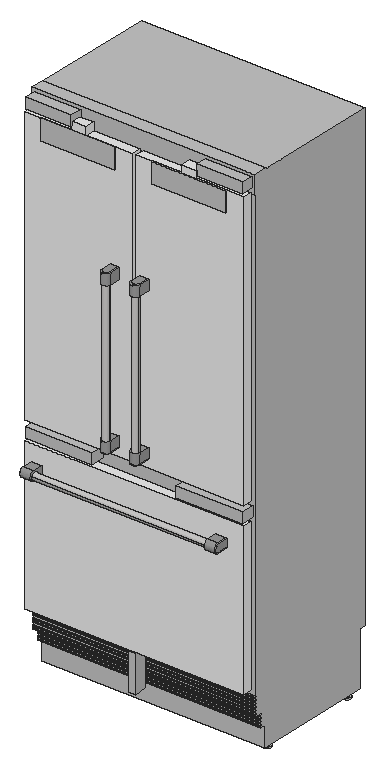
Revit family "FP-Revit20-en-RS3684AUVE1-IntegratedRefrigerator-0-9000XXXXA-US-CA", category Specialty Equipment, Revit 2020
Family settings
  Round Connector Dimension = Use Diameter
  Part Type = Normal
  OmniClass Number = 23.40.40.11.11
  OmniClass Title = Refrigerators and Freezers
  Work Plane-Based = No
  Always vertical = Yes
  Cut with Voids When Loaded = Yes
  Shared = No
  Room Calculation Point = No
Parameters (values of type "RS3684AUVE1")
  Visibility - Water Connection = yes
  Visibility - Visibility Control Note = yes
  Visibility - Clearance Required = yes
  URL = "www.fisherpaykel.com"
  Stainless Steel Door Panels (RD9121WRD) = no
  Product - Width = 908 mm  # constant formula
  Product - Height = 2134 mm  # constant formula
  Product - Depth (exl front panel) = 610 mm  # constant formula
  Model = "RS3684AUVE1"
  Material - Handle = Fisher & Paykel - Aluminium
  Material - Door Structure = Fisher & Paykel - White
  Material - Door Front = Fisher & Paykel - Stainless Steel
  Material - Body = Fisher & Paykel - Grey
  Manufacturer = "Fisher & Paykel Appliances"
  Handle Style - Professional Round (AHP3RD9121W) = yes
  Handle Style - Contemporary Square Fine Black (AHD5RD9121WB) = no
  Handle Style - Contemporary Square Fine (AHD5RD9121W) = no
  Handle Style - Contemporary Round (AHSRD9121W) = no
  Description = "36\" Series 11 Integrated Column"
  Default Elevation = 0 mm
  Connector Description - Water = "1/4\" (6mm) comp. stainless steel braided hose"
  Connector Description - Electrical = "120 V, 10 amp fused electrical supply"
  Cavity - Width = 914 mm  # constant formula
  Cavity - Height = 2134 mm  # constant formula
  Cavity - Depth = 635 mm  # constant formula
Reference planes
  plane 1 "Datum": y = 0
  plane 2: z = 0
  plane 3 "Center (Left/Right)": x = 0
  plane 4 "Product LHS": x = -454
  plane 5 "Product RHS": x = 454
  plane 6 "Product - Depth": y = 610
  plane 7 "Cavity LHS": x = -457
  plane 8 "Cavity RHS": x = 457
  plane 9 "Cavity - Depth": y = 635
  plane 10 "Product Height": z = 2134
  plane 11 "Cavity Height": z = 2134
  plane 12 "Door Panel Datum": y = -4.1
  plane 13 "KNOB 33": x = -390
  plane 14: x = -226
Forms (mm)
  Extrusion 1, solid, material "Fisher & Paykel - Grey" <- "Material - Body", detail levels fine
    sketch origin (0, 0, 0) x (0, 1, 0) y (0, 0, 1)
      loop
        line (100.1, 19.1) -> (587.9, 19.1) -> (587.9, 239.7) -> (610, 239.7) -> (610, 2132.3) -> (105.1, 2132.3) -> (105.1, 2134) -> (49.9, 2134) -> (49.9, 2059) -> (56, 2059) -> (56, 228.6) -> (59.5, 228.6) -> (59.5, 219.7) -> (56.5, 219.7) -> (56.5, 215.9) -> (59.5, 215.9) -> (59.5, 207) -> (56.5, 207) -> (56.5, 203.2) -> (59.5, 203.2) -> (59.5, 194.3) -> (56.5, 194.3) -> (56.5, 190.5) -> (59.5, 190.5) -> (59.5, 181.6) -> (56.5, 181.6) -> (56.5, 177.8) -> (59.5, 177.8) -> (59.5, 168.9) -> (56.5, 168.9) -> (56.5, 165.1) -> (59.5, 165.1) -> (59.5, 156.2) -> (56.5, 156.2) -> (56.5, 152.4) -> (84.1, 152.4) -> (84.1, 143.5) -> (81.1, 143.5) -> (81.1, 139.7) -> (84.1, 139.7) -> (84.1, 130.8) -> (81.1, 130.8) -> (81.1, 127) -> (84.1, 127) -> (84.1, 118.1) -> (81.1, 118.1) -> (81.1, 114.3) -> (84.1, 114.3) -> (84.1, 105.4) -> (81.1, 105.4) -> (81.1, 101.6) -> (100.1, 101.6) -> (100.1, 19.1)
    from -454 to 454
  Extrusion 2, solid, material "Fisher & Paykel - Grey" <- "Material - Body"
    sketch origin (0, 0, 0) x (1, 0, 0) y (0, 1, 0)
      loop
        circle (-433.5, 547.8) r 4.1
      loop
        circle (-433.5, 141.8) r 4.1
      loop
        circle (433.5, 547.8) r 4.1
      loop
        circle (433.5, 141.8) r 4.1
    from 3 to 19.1
  Extrusion 3, solid, material "Fisher & Paykel - Grey" <- "Material - Body"
    sketch origin (0, 0, 0) x (1, 0, 0) y (0, 1, 0)
      loop
        circle (-433.5, 547.8) r 14.5
      loop
        circle (-433.5, 141.8) r 14.555
      loop
        circle (433.5, 547.8) r 14.5
      loop
        circle (433.5, 141.8) r 14.555
    from 0 to 3
  Extrusion 4, solid, material "Fisher & Paykel - Grey" <- "Material - Body", detail levels fine
    sketch origin (0, 0, 0) x (1, 0, 0) y (0, 1, 0)
      loop
        line (-7.5, 49) -> (-13.797, -4.1) -> (13.797, -4.1) -> (7.5, 49) -> (-7.5, 49)
    from 104.2 to 253.8
  Extrusion 5, solid, material "Fisher & Paykel - Grey" <- "Material - Body", detail levels fine
    sketch origin (-226, 32.5, 1200) x (0, 1, 0) y (0, 0, 1)
      loop
        line (-32.5, 870.6) -> (-32.5, 788.6) -> (-30.5, 788.6) -> (-30.5, 868.6) -> (-28.5, 868.6) -> (-28.5, 870.6) -> (-32.5, 870.6)
    from -150 to 150
  Extrusion 6, solid, material "Fisher & Paykel - Grey" <- "Material - Body"
    sketch origin (0, 0, 0) x (1, 0, 0) y (0, 0, 1)
      loop
        circle (379, 119.813) r 5
      loop
        circle (-379, 119.813) r 5
    from -590 to -587.9
  Extrusion 7, solid, material "Fisher & Paykel - White" <- "Material - Door Structure"
    sketch origin (0, 0, 0) x (1, 0, 0) y (0, 1, 0)
      loop
        line (-429, 56) -> (-429, 42) -> (429, 42) -> (429, 56) -> (-429, 56)
    from 951.3 to 2030.7
  Extrusion 8, solid, material "Fisher & Paykel - White" <- "Material - Door Structure"
    sketch origin (0, 0, 0) x (1, 0, 0) y (0, 1, 0)
      loop
        line (-445.4, 42) -> (-445.4, 3) -> (-7, 3) -> (-7, 42) -> (-445.4, 42)
      loop
        line (445.4, 3) -> (445.4, 42) -> (7, 42) -> (7, 3) -> (445.4, 3)
    from 943.8 to 2068.6
  Extrusion 9, solid, material "Fisher & Paykel - White" <- "Material - Door Structure", detail levels fine
    sketch origin (0, 0, 0) x (1, 0, 0) y (0, 0, 1)
      loop
        line (-255.5, 2100.1) -> (-255.5, 2068.6) -> (-196.5, 2068.6) -> (-196.5, 2100.1) -> (-255.5, 2100.1)
    from -42 to -3
  Extrusion 10, solid, material "Fisher & Paykel - Stainless Steel" <- "Material - Door Front", visible <- "Stainless Steel Door Panels (RD9121WRD)"
    sketch origin (0, 0, 0) x (0, 1, 0) y (0, 0, 1)
      loop
        line (-22.1, 2130.8) -> (-22.1, 876.3) -> (-4.1, 876.3) -> (-4.1, 2130.8) -> (-22.1, 2130.8)
      loop
        line (-22.1, 102) -> (-4.1, 102) -> (-4.1, 873.1) -> (-22.1, 873.1) -> (-22.1, 102)
    from -454 to 454
  Extrusion 11, solid, material "Fisher & Paykel - Grey" <- "Material - Body", detail levels coarse+medium
    sketch origin (0, 0, 0) x (0, 1, 0) y (0, 0, 1)
      loop
        line (49.9, 2134) -> (49.9, 2059) -> (56, 2059) -> (56, 152.4) -> (81.1, 152.4) -> (81.1, 101.6) -> (100.1, 101.6) -> (100.1, 19.1) -> (587.9, 19.1) -> (587.9, 239.7) -> (610, 239.7) -> (610, 2134) -> (49.9, 2134)
    from -454 to 454
  Extrusion 12, solid, material "Fisher & Paykel - Grey" <- "Material - Body", detail levels fine
    sketch origin (0, 0, -4) x (0, 1, 0) y (0, 0, 1)
      loop
        arc (163.888, 23.1) -> (180.4, 13.63) -> (196.912, 23.1) r 19.13
        line (196.912, 23.1) -> (163.888, 23.1)
      loop
        arc (493.888, 23.1) -> (510.4, 13.63) -> (526.912, 23.1) r 19.13
        line (526.912, 23.1) -> (493.888, 23.1)
    from 191 to 219
  Extrusion 13, solid, material "Fisher & Paykel - Grey" <- "Material - Body", detail levels fine
    sketch origin (0, 0, -4) x (0, 1, 0) y (0, 0, -1)
      loop
        line (163.888, -23.1) -> (196.912, -23.1)
        arc (196.912, -23.1) -> (180.4, -13.63) -> (163.888, -23.1) r 19.13
      loop
        line (493.888, -23.1) -> (526.912, -23.1)
        arc (526.912, -23.1) -> (510.4, -13.63) -> (493.888, -23.1) r 19.13
    from 191 to 219
  Extrusion 14, solid, material "Fisher & Paykel - Clearance Required", visible <- "Visibility - Clearance Required", detail levels coarse
    sketch origin (0, 0, 0) x (1, 0, 0) y (0, 1, 0)
      loop
        line (-457, 635) -> (-457, -4.1) -> (457, -4.1) -> (457, 635) -> (-457, 635)
    from 0 to 2134
  Extrusion 15, void
    sketch origin (0, 0, 0) x (1, 0, 0) y (0, 1, 0)
      loop
        line (-457, 635) -> (-457, -22.1) -> (457, -22.1) -> (457, 635) -> (-457, 635)
    from 0 to 2134
  Extrusion 16, solid, material "Fisher & Paykel - White" <- "Material - Door Structure"
    sketch origin (0, 0, 0) x (1, 0, 0) y (0, 1, 0)
      loop
        line (-445.4, 42) -> (-445.4, 3) -> (445.4, 3) -> (445.4, 42) -> (-445.4, 42)
    from 253.8 to 868.15
  Extrusion 17, solid, material "Fisher & Paykel - White" <- "Material - Door Structure"
    sketch origin (0, 0, 0) x (1, 0, 0) y (0, 1, 0)
      loop
        line (-429, 56) -> (-429, 42) -> (429, 42) -> (429, 56) -> (-429, 56)
    from 269.2 to 858.13
  Extrusion 18, solid, material "Fisher & Paykel - Clearance Required", visible <- "Visibility - Clearance Required", detail levels coarse
    sketch origin (0, 0, 0) x (0, 1, 0) y (0, 0, 1)
      loop
        line (-422.1, 873.1) -> (-422.1, 818.896) -> (-482.1, 818.896) -> (-482.1, 781.896) -> (-422.1, 781.896) -> (-422.1, 101.6) -> (-22.1, 101.6) -> (-22.1, 873.1) -> (-422.1, 873.1)
    from -454 to 454
  Extrusion 19, solid, material "Fisher & Paykel - Clearance Required", visible <- "Visibility - Clearance Required", detail levels coarse
    sketch origin (0, -0.697, 0) x (-1, 0, 0) y (0, -1, 0)
      loop
        arc (-1.5, 21.403) -> (-134.034, 341.369) -> (-454, 473.903) r 452.5
        line (-454, 473.903) -> (-454, 433.258) -> (-514, 433.258) -> (-514, 396.188) -> (-454, 396.188) -> (-454, 21.403) -> (-1.5, 21.403)
      loop
        line (1.5, 21.403) -> (454, 21.403) -> (454, 396.188) -> (514, 396.188) -> (514, 433.258) -> (454, 433.258) -> (454, 473.903)
        arc (454, 473.903) -> (134.034, 341.369) -> (1.5, 21.403) r 452.5
    from 876.3 to 2134
  Extrusion 20, solid, material "Fisher & Paykel - Grey" <- "Material - Body", detail levels coarse+fine
    sketch origin (0, 0, 0) x (1, 0, 0) y (0, 0, 1)
      loop
        line (442.4, 2123.15) -> (255.5, 2123.15) -> (255.5, 2081.05) -> (442.4, 2081.05) -> (442.4, 2123.15)
      loop
        line (-442.4, 2123.15) -> (-442.4, 2081.05) -> (-255.5, 2081.05) -> (-255.5, 2123.15) -> (-442.4, 2123.15)
    from -49 to -2.5
  Extrusion 21, solid, material "Fisher & Paykel - Grey" <- "Material - Body", detail levels fine
    sketch origin (0, 0, 0) x (1, 0, 0) y (0, 0, 1)
      loop
        line (442.4, 877.25) -> (442.4, 919.35) -> (171.42, 919.35) -> (171.42, 877.25) -> (442.4, 877.25)
    from -56 to -2.5
  Extrusion 22, void
    sketch origin (0, -22.1, 1890.8) x (0, 0, 1) y (-1, 0, 0)
      loop
        line (240, 1.5) -> (-1014.5, 1.5) -> (-1014.5, -1.5) -> (240, -1.5) -> (240, 1.5)
    from 0 to -18
  Extrusion 23, solid, material "Fisher & Paykel - Grey" <- "Material - Body", detail levels fine
    sketch origin (226, 32.5, 1200) x (0, 1, 0) y (0, 0, -1)
      loop
        line (-32.5, -870.6) -> (-28.5, -870.6) -> (-28.5, -868.6) -> (-30.5, -868.6) -> (-30.5, -788.6) -> (-32.5, -788.6) -> (-32.5, -870.6)
    from -150 to 150
  Extrusion 24, solid, material "Fisher & Paykel - White" <- "Material - Door Structure", detail levels fine
    sketch origin (0, 0, 0) x (-1, 0, 0) y (0, 0, -1)
      loop
        line (-255.5, -2100.1) -> (-196.5, -2100.1) -> (-196.5, -2068.6) -> (-255.5, -2068.6) -> (-255.5, -2100.1)
    from -42 to -3
  Extrusion 25, solid, material "Fisher & Paykel - Grey" <- "Material - Body", detail levels fine
    sketch origin (0, 0, 0) x (-1, 0, 0) y (0, 0, -1)
      loop
        line (442.4, -877.25) -> (171.42, -877.25) -> (171.42, -919.35) -> (442.4, -919.35) -> (442.4, -877.25)
    from -56 to -2.5
Cuts and joins
  Extrusion 22 cuts Extrusion 10
  Extrusion 22 cuts Extrusion 19
Lines and regions (mm)
  model lines, style "Fisher & Paykel"
    curve 1: line (-454, -4.1, 2130.8) -> (454, -4.1, 2130.8)
    curve 2: line (-454, -4.1, 876.3) -> (-454, -4.1, 2130.8)
    curve 3: line (454, -4.1, 876.3) -> (-454, -4.1, 876.3)
    curve 4: line (454, -4.1, 2130.8) -> (454, -4.1, 876.3)
    curve 5: line (454, -4.1, 873.1) -> (-454, -4.1, 873.1)
    curve 6: line (454, -4.1, 102) -> (454, -4.1, 873.1)
    curve 7: line (-454, -4.1, 102) -> (454, -4.1, 102)
    curve 8: line (-454, -4.1, 873.1) -> (-454, -4.1, 102)
Text (mm)
  text "Due to ongoing product development, product details are subject to change without notice. \nPlease always refer to www.fisherpaykel.com for the most current product information. \n© Fisher & Paykel 2020" at (41.04, -878.295, 0), in view "Ref. Level (Plan)"
Dimensions and locks
  equal spacing: plane 4 "Product LHS", plane 3 "Center (Left/Right)", plane 5 "Product RHS"
  "Product - Width": plane 4 "Product LHS" to plane 5 "Product RHS"
  "Product - Depth (exl front panel)": plane 1 "Datum" to plane 6 "Product - Depth"
  equal spacing: plane 7 "Cavity LHS", plane 3 "Center (Left/Right)", plane 8 "Cavity RHS"
  "Cavity - Width": plane 7 "Cavity LHS" to plane 8 "Cavity RHS"
  "Cavity - Depth": plane 9 "Cavity - Depth" to plane 1 "Datum"
  plane 4 "Product LHS" to Extrusion 2 sketch curve = 24.6 mm
  Extrusion 6 sketch curve to Extrusion 1 = 119.887 mm  (x2)
  Extrusion 6 sketch curve to plane 5 "Product RHS" = 75 mm
  plane 4 "Product LHS" to Extrusion 6 sketch curve = 75 mm
  Extrusion 1 sketch curve to Extrusion 1 sketch curve = 82.5 mm
  Extrusion 1 sketch curve to Extrusion 1 sketch curve = 209.5 mm
  Extrusion 1 sketch curve to Extrusion 1 sketch curve = 220.6 mm
  Extrusion 3 to level = 3 mm
  Extrusion 11 to Extrusion 8 = 924.7 mm
  Extrusion 11 to Extrusion 7 = 932.2 mm
  Extrusion 11 to Extrusion 11 = 2114.9 mm
  Extrusion 11 to Extrusion 10 = 82.9 mm
  "Product - Height": level to plane 10 "Product Height"
  plane 10 "Product Height" to Extrusion 10 = 3.2 mm
  Extrusion 8 to plane 10 "Product Height" = 65.4 mm
  Extrusion 7 to plane 10 "Product Height" = 103.3 mm
  Extrusion 11 sketch curve to plane 10 "Product Height" = 75 mm
  Extrusion 1 sketch curve to plane 10 "Product Height" = 1.7 mm
  Extrusion 1 sketch curve to plane 10 "Product Height" = 75 mm
  "Cavity - Height": plane 11 "Cavity Height" to level
  plane 1 "Datum" to Extrusion 14 = 635 mm
  plane 1 "Datum" to Extrusion 15 = 635 mm
  Extrusion 15 to level = 2134 mm
  radius of Extrusion 6 sketch curve = 5 mm
  aligned and locked: level to plane 2
  aligned and locked: Extrusion 10 to plane 5 "Product RHS"
  aligned and locked: plane 4 "Product LHS" to Extrusion 10
  aligned and locked: Extrusion 11 to plane 5 "Product RHS"
  aligned and locked: Extrusion 11 to plane 4 "Product LHS"
  aligned and locked: Extrusion 11 sketch curve to plane 10 "Product Height"
  aligned and locked: plane 10 "Product Height" to Extrusion 1 sketch curve
  aligned and locked: Extrusion 12 sketch curve to Extrusion 12 sketch curve
  aligned and locked: Extrusion 13 sketch curve to Extrusion 13 sketch curve
  aligned and locked: Extrusion 1 to plane 5 "Product RHS"
  aligned and locked: plane 4 "Product LHS" to Extrusion 1
  aligned and locked: Extrusion 1 to Extrusion 18
  aligned and locked: Extrusion 18 to Extrusion 1
  aligned and locked: Extrusion 22 to Extrusion 4
Automatic sketch dimensions
  Extrusion 1 sketch curve to plane 6 "Product - Depth" = 0 mm
  Extrusion 1 sketch curve to Extrusion 1 sketch curve = 22.1 mm
  Extrusion 1 sketch curve to plane 1 "Datum" = 105.1 mm
  level to Extrusion 1 sketch curve = 19.1 mm
  Extrusion 1 sketch curve to plane 1 "Datum" = 100.1 mm
  Extrusion 1 sketch curve to Extrusion 1 sketch curve = 16 mm
  Extrusion 1 sketch curve to Extrusion 1 sketch curve = 0 mm  (x8)
  Extrusion 1 sketch curve to Extrusion 1 sketch curve = 3 mm  (x10)
  Extrusion 1 sketch curve to plane 1 "Datum" = 59.5 mm
  Extrusion 1 sketch curve to plane 1 "Datum" = 56 mm
  Extrusion 1 sketch curve to plane 1 "Datum" = 49.9 mm
  Extrusion 1 sketch curve to Extrusion 1 sketch curve = 3.8 mm  (x10)
  Extrusion 1 sketch curve to Extrusion 1 sketch curve = 8.9 mm  (x9)
  Extrusion 2 sketch curve to plane 4 "Product LHS" = 20.5 mm  (x2)
  plane 5 "Product RHS" to Extrusion 2 sketch curve = 20.5 mm  (x2)
  Extrusion 2 sketch curve to plane 1 "Datum" = 141.8 mm  (x2)
  Extrusion 2 sketch curve to plane 6 "Product - Depth" = 62.2 mm  (x2)
  Extrusion 3 sketch curve to plane 4 "Product LHS" = 20.5 mm  (x2)
  plane 5 "Product RHS" to Extrusion 3 sketch curve = 20.5 mm  (x2)
  Extrusion 3 sketch curve to plane 1 "Datum" = 141.8 mm  (x2)
  Extrusion 3 sketch curve to plane 6 "Product - Depth" = 62.2 mm  (x2)
  Extrusion 4 sketch curve to plane 12 "Door Panel Datum" = 0 mm
  Extrusion 4 sketch curve to plane 3 "Center (Left/Right)" = 13.797 mm
  Extrusion 4 sketch curve to plane 3 "Center (Left/Right)" = 7.5 mm
  plane 3 "Center (Left/Right)" to Extrusion 4 sketch curve = 7.5 mm
  plane 3 "Center (Left/Right)" to Extrusion 4 sketch curve = 13.797 mm
  Extrusion 4 sketch curve to plane 1 "Datum" = 49 mm
  Extrusion 5 sketch curve to plane 1 "Datum" = 0 mm
  Extrusion 5 sketch curve to plane 1 "Datum" = 2 mm
  Extrusion 5 sketch curve to Extrusion 5 sketch curve = 2 mm  (x2)
  plane 10 "Product Height" to Extrusion 5 sketch curve = 145.4 mm
  plane 10 "Product Height" to Extrusion 5 sketch curve = 65.4 mm
  Extrusion 7 sketch curve to plane 4 "Product LHS" = 25 mm
  plane 5 "Product RHS" to Extrusion 7 sketch curve = 25 mm
  Extrusion 7 sketch curve to plane 1 "Datum" = 42 mm
  Extrusion 7 sketch curve to Extrusion 7 sketch curve = 14 mm
  Extrusion 8 sketch curve to plane 4 "Product LHS" = 8.6 mm
  Extrusion 8 sketch curve to plane 1 "Datum" = 3 mm  (x2)
  Extrusion 8 sketch curve to plane 3 "Center (Left/Right)" = 7 mm
  plane 3 "Center (Left/Right)" to Extrusion 8 sketch curve = 7 mm
  plane 5 "Product RHS" to Extrusion 8 sketch curve = 8.6 mm
  Extrusion 8 sketch curve to Extrusion 8 sketch curve = 39 mm
  Extrusion 8 sketch curve to Extrusion 8 sketch curve = 0 mm
  Extrusion 9 sketch curve to plane 14 = 29.5 mm
  plane 14 to Extrusion 9 sketch curve = 29.5 mm
  plane 10 "Product Height" to Extrusion 9 sketch curve = 65.4 mm
  Extrusion 9 sketch curve to Extrusion 9 sketch curve = 31.5 mm
  Extrusion 10 sketch curve to plane 12 "Door Panel Datum" = 0 mm  (x2)
  plane 10 "Product Height" to Extrusion 10 sketch curve = 3.2 mm
  Extrusion 10 sketch curve to plane 12 "Door Panel Datum" = 18 mm
  Extrusion 10 sketch curve to Extrusion 10 sketch curve = 0 mm
  level to Extrusion 10 sketch curve = 876.3 mm
  Extrusion 10 sketch curve to Extrusion 10 sketch curve = 3.2 mm
  level to Extrusion 10 sketch curve = 102 mm
  Extrusion 11 sketch curve to plane 6 "Product - Depth" = 0 mm
  Extrusion 11 sketch curve to plane 6 "Product - Depth" = 22.1 mm
  Extrusion 11 sketch curve to plane 1 "Datum" = 100.1 mm
  Extrusion 11 sketch curve to Extrusion 11 sketch curve = 19 mm
  Extrusion 11 sketch curve to plane 1 "Datum" = 56 mm
  Extrusion 11 sketch curve to plane 1 "Datum" = 49.9 mm
  level to Extrusion 11 sketch curve = 239.7 mm
  level to Extrusion 11 sketch curve = 152.4 mm
  Extrusion 11 sketch curve to Extrusion 11 sketch curve = 50.8 mm
  level to Extrusion 11 sketch curve = 19.1 mm
  level to Extrusion 12 sketch curve = 19.1 mm
  Extrusion 12 sketch curve to plane 1 "Datum" = 163.888 mm
  Extrusion 12 sketch curve to Extrusion 12 sketch curve = 16.512 mm  (x2)
  Extrusion 12 sketch curve to plane 6 "Product - Depth" = 116.112 mm
  Extrusion 12 sketch curve to Extrusion 12 sketch curve = 9.66 mm  (x2)
  level to Extrusion 13 sketch curve = 19.1 mm
  Extrusion 13 sketch curve to plane 1 "Datum" = 163.888 mm
  Extrusion 13 sketch curve to Extrusion 13 sketch curve = 16.512 mm  (x2)
  Extrusion 13 sketch curve to plane 6 "Product - Depth" = 116.112 mm
  Extrusion 13 sketch curve to Extrusion 13 sketch curve = 9.66 mm  (x2)
  Extrusion 14 sketch curve to plane 7 "Cavity LHS" = 0 mm
  Extrusion 14 sketch curve to plane 8 "Cavity RHS" = 0 mm
  Extrusion 14 sketch curve to plane 12 "Door Panel Datum" = 0 mm
  Extrusion 14 sketch curve to plane 9 "Cavity - Depth" = 0 mm
  Extrusion 15 sketch curve to plane 7 "Cavity LHS" = 0 mm
  Extrusion 15 sketch curve to plane 8 "Cavity RHS" = 0 mm
  Extrusion 15 sketch curve to plane 9 "Cavity - Depth" = 0 mm
  Extrusion 15 sketch curve to plane 12 "Door Panel Datum" = 18 mm
  Extrusion 16 sketch curve to plane 1 "Datum" = 3 mm
  Extrusion 16 sketch curve to plane 4 "Product LHS" = 8.6 mm
  plane 5 "Product RHS" to Extrusion 16 sketch curve = 8.6 mm
  Extrusion 16 sketch curve to Extrusion 16 sketch curve = 39 mm
  Extrusion 17 sketch curve to plane 4 "Product LHS" = 25 mm
  plane 5 "Product RHS" to Extrusion 17 sketch curve = 25 mm
  Extrusion 17 sketch curve to plane 1 "Datum" = 42 mm
  Extrusion 17 sketch curve to Extrusion 17 sketch curve = 14 mm
  Extrusion 18 sketch curve to plane 12 "Door Panel Datum" = 478 mm
  Extrusion 18 sketch curve to Extrusion 18 sketch curve = 60 mm
  Extrusion 18 sketch curve to Extrusion 18 sketch curve = 0 mm
  Extrusion 18 sketch curve to plane 12 "Door Panel Datum" = 18 mm
  level to Extrusion 18 sketch curve = 101.6 mm
  Extrusion 18 sketch curve to Extrusion 18 sketch curve = 680.296 mm
  Extrusion 18 sketch curve to Extrusion 18 sketch curve = 37 mm
  Extrusion 18 sketch curve to Extrusion 18 sketch curve = 54.204 mm
  Extrusion 19 sketch curve to plane 5 "Product RHS" = 0 mm  (x2)
  Extrusion 19 sketch curve to plane 4 "Product LHS" = 0 mm  (x2)
  plane 8 "Cavity RHS" to Extrusion 19 sketch curve = 57 mm
  Extrusion 19 sketch curve to plane 3 "Center (Left/Right)" = 1.5 mm
  plane 3 "Center (Left/Right)" to Extrusion 19 sketch curve = 1.5 mm
  Extrusion 19 sketch curve to plane 7 "Cavity LHS" = 57 mm
  plane 12 "Door Panel Datum" to Extrusion 19 sketch curve = 470.5 mm  (x2)
  Extrusion 19 sketch curve to Extrusion 19 sketch curve = 40.645 mm  (x2)
  Extrusion 19 sketch curve to Extrusion 19 sketch curve = 37.07 mm  (x2)
  plane 5 "Product RHS" to curve 5 = 0 mm
  plane 5 "Product RHS" to curve 1 = 0 mm
  plane 4 "Product LHS" to curve 5 = 0 mm
  plane 4 "Product LHS" to curve 2 = 0 mm
  level to curve 6 = 102 mm
  curve 6 to curve 6 = 771.1 mm
  curve 5 to curve 2 = 3.2 mm
  plane 10 "Product Height" to curve 2 = 3.2 mm
  Extrusion 20 sketch curve to plane 4 "Product LHS" = 11.6 mm
  Extrusion 20 sketch curve to plane 14 = 29.5 mm
  plane 10 "Product Height" to Extrusion 20 sketch curve = 10.85 mm  (x2)
  plane 5 "Product RHS" to Extrusion 20 sketch curve = 198.5 mm
  plane 5 "Product RHS" to Extrusion 20 sketch curve = 11.6 mm
  Extrusion 20 sketch curve to Extrusion 20 sketch curve = 42.1 mm  (x2)
  plane 3 "Center (Left/Right)" to Extrusion 21 sketch curve = 171.42 mm
  plane 5 "Product RHS" to Extrusion 21 sketch curve = 11.6 mm
  level to Extrusion 21 sketch curve = 877.25 mm
  Extrusion 21 sketch curve to Extrusion 21 sketch curve = 42.1 mm
  Extrusion 22 sketch curve to Extrusion 10 = 0 mm  (x2)
  Extrusion 10 to Extrusion 22 sketch curve = 452.5 mm
  Extrusion 22 sketch curve to Extrusion 22 sketch curve = 3 mm
  Extrusion 23 sketch curve to plane 1 "Datum" = 0 mm
  Extrusion 23 sketch curve to plane 1 "Datum" = 2 mm
  Extrusion 23 sketch curve to Extrusion 23 sketch curve = 2 mm  (x2)
  plane 10 "Product Height" to Extrusion 23 sketch curve = 63.4 mm
  Extrusion 23 sketch curve to Extrusion 23 sketch curve = 80 mm
  Extrusion 24 sketch curve to plane 10 "Product Height" = 65.4 mm
  Extrusion 24 sketch curve to plane 5 "Product RHS" = 198.5 mm
  Extrusion 24 sketch curve to Extrusion 24 sketch curve = 59 mm
  Extrusion 24 sketch curve to Extrusion 24 sketch curve = 31.5 mm
  Extrusion 25 sketch curve to plane 14 = 54.58 mm
  plane 4 "Product LHS" to Extrusion 25 sketch curve = 11.6 mm
  Extrusion 25 sketch curve to level = 877.25 mm
  Extrusion 25 sketch curve to Extrusion 25 sketch curve = 42.1 mm
  radius of Extrusion 2 sketch curve = 4.1 mm  (x3)
  radius of Extrusion 3 sketch curve = 14.5 mm  (x2)
  radius of Extrusion 3 sketch curve = 14.555 mm  (x2)
  radius of Extrusion 6 sketch curve = 5 mm
Nested families
  nested 1: "Visibility Control Note 18" at (0, 0, 0), visible <- "Visibility - Visibility Control Note", type "Visibility Control Note 18"
  nested 2: "Handle Contemporary Square - Horizontal" at (0, -22.1, 800.364), type "AHD3RD3684W - Contemporary square handle (2 of 2) (Horizontal) 798mm", not visible
  nested 3: "F&P Handle Kit - Contemporary Square Fine - Horizontal" at (0, -22.1, 800.364), type "AHD5RD3684WB - Contemporary square fine black handle (2 of 2) (Horizontal) 798mm", not visible
  nested 4: "F&P Handle Kit - Contemporary Square Fine - Horizontal" at (0, -22.1, 800.364), visible <- "Handle Style - Contemporary Square Fine Black (AHD5RD9121WB)", type "AHD5RD3684WB - Contemporary square fine black handle (2 of 2) (Horizontal) 798mm"
  nested 5: "Handle Contemporary Round - Horizontal" at (0, -22.1, 800), visible <- "Handle Style - Contemporary Round (AHSRD9121W)", type "AHSRD3684W - Contemporary round handle (2 of 2) (Horizontal) 798mm"
  nested 6: "F&P Handle Kit - Contemporary Square Fine - Horizontal" at (0, -22.1, 799.994), visible <- "Handle Style - Contemporary Square Fine (AHD5RD9121W)", type "AHD5RD3684W - Contemporary square fine handle (2 of 2) (Horizontal) 798mm"
  nested 7: "F&P Handle Kit - Contemporary Square Fine - Vertical" at (-60, -22.1, 1322.58) x (-1, 0, 0) z (0, 0, 1), visible <- "Handle Style - Contemporary Square Fine Black (AHD5RD9121WB)", type "AHD5RD9121WB - Contemporary square fine black handle (1 of 2) (Vertical) 727mm"
  nested 8: "F&P Handle Kit - Contemporary Square Fine - Vertical" at (-60.3, -22.1, 1322.58) x (-1, 0, 0) z (0, 0, 1), visible <- "Handle Style - Contemporary Square Fine (AHD5RD9121W)", type "AHD5RD9121W - Contemporary square fine handle (1 of 2) (Vertical) 727mm"
  nested 9: "Handle Contemporary Round - Vertical" at (-60, -22.1, 1322.58) x (-1, 0, 0) z (0, 0, 1), visible <- "Handle Style - Contemporary Round (AHSRD9121W)", type "AHSRD9121W - Contemporary round handle (1 of 2) (Vertical) 727mm"
  nested 10: "Handle Professional Round - Horizontal" at (0, -22.1, 800.342), visible <- "Handle Style - Professional Round (AHP3RD9121W)", type "AHP3RD9121W - Professional round handle (2 of 2) (Horizontal) 798mm"
  nested 11: "Handle Professional Round - Vertical" at (-60, -22.1, 1322.58), visible <- "Handle Style - Professional Round (AHP3RD9121W)", type "AHP3RD9121W - Professional round handle (1 of 2) (Vertical) 661mm"
  nested 12: "F&P Handle Kit - Contemporary Square Fine - Vertical" at (60, -22.1, 1322.58), visible <- "Handle Style - Contemporary Square Fine Black (AHD5RD9121WB)", type "AHD5RD9121WB - Contemporary square fine black handle (1 of 2) (Vertical) 727mm"
  nested 13: "F&P Handle Kit - Contemporary Square Fine - Vertical" at (60.3, -22.1, 1322.58), visible <- "Handle Style - Contemporary Square Fine (AHD5RD9121W)", type "AHD5RD9121W - Contemporary square fine handle (1 of 2) (Vertical) 727mm"
  nested 14: "Handle Contemporary Round - Vertical" at (60, -22.1, 1322.58), visible <- "Handle Style - Contemporary Round (AHSRD9121W)", type "AHSRD9121W - Contemporary round handle (1 of 2) (Vertical) 727mm"
  nested 15: "Handle Professional Round - Vertical" at (60, -22.1, 1322.58) x (-1, 0, 0) z (0, 0, 1), visible <- "Handle Style - Professional Round (AHP3RD9121W)", type "AHP3RD9121W - Professional round handle (1 of 2) (Vertical) 661mm"
Connectors
  electrical at (-379, 590, 119.813), driven by "Connector Description - Electrical"
    settings: on Extrusion 6, index 1, voltage 120 V, apparent load 0 VA, apparent load phase1 0 VA, apparent load phase2 0 VA, apparent load phase3 0 VA, power factor 1, load classification "Other", number of poles 1, system type 30, power factor state 1, is connector primary yes, connector utility no, sub classification motor no, connector description "120 V, 10 amp fused electrical supply"
  piping at (379, 590, 119.813), diameter 12.7, driven by "Visibility - Water Connection", driven by "Connector Description - Water"
    settings: on Extrusion 6, index 2, connector inside diameter 609.6 mm, connector length 0 mm, flow factor 0, pipe flow 0.0 L/s, pressure drop 0.0 Pa, fitting loss kfactor 0, connector angle 0.00°, fixture units 0, engagement length 0 mm, angle of deflection 0.00°, flow configuration 0, flow direction 1, fitting loss method 0, system type 20, joint type 0, gender type 0, connector reference index -1, connector utility 1, adjustable connector no, is connector primary yes, connector description "1/4\" (6mm) comp. stainless steel braided hose"
Definition of nested family "Handle Contemporary Square - Horizontal"
  Parameters (values of type "AHD3RD3684W - Contemporary square handle (2 of 2) (Horizontal) 798mm")
    URL = "www.fisherpaykel.com"
    Material - Handle = none
    Manufacturer = "Fisher & Paykel Appliances"
    Handle - Length = 798 mm
    Default Elevation = 0 mm
  Types (2, lengths in mm): name | Handle - Length
    AHD3RD3084W - Contemporary square handle (2 of 2) (Horizontal) 646mm | 646
    AHD3RD3684W - Contemporary square handle (2 of 2) (Horizontal) 798mm | 798
  Reference planes
    plane 1 "Center (Front/Back)": y = 0
    plane 2: z = 0
    plane 3 "Center (Left/Right)": x = 0
    plane 4 "Product LHS": x = -399
    plane 5 "Product RHS": x = 399
    plane 6 "LHS Standoff": x = -278.995
    plane 7 "RHS Standoff": x = 279.005
  Forms (mm)
    Extrusion 1, solid, material <- "Material - Handle", detail levels fine
      sketch origin (0, 0, 0) x (0, 1, 0) y (0, 0, 1)
        loop
          arc (-28.701, 7.561) -> (-29.057, 7.868) -> (-29.514, 7.978) r 1
          line (-29.514, 7.978) -> (-40.5, 7.978)
          arc (-40.5, 7.978) -> (-41.561, 7.539) -> (-42, 6.478) r 1.5
          line (-42, 6.478) -> (-42, -6.522)
          arc (-42, -6.522) -> (-41.561, -7.583) -> (-40.5, -8.022) r 1.5
          line (-40.5, -8.022) -> (-29.487, -8.022)
          arc (-29.487, -8.022) -> (-29.029, -7.911) -> (-28.673, -7.602) r 1
          arc (-28.673, -7.602) -> (-26.256, -0.016) -> (-28.701, 7.561) r 13.038
      from -399 to 399
    Extrusion 2, solid, material <- "Material - Handle", detail levels fine
      sketch origin (0, 0, 0) x (0, 1, 0) y (0, 0, 1)
        loop
          arc (-28.23, 7.062) -> (-26.156, 0.008) -> (-28.198, -7.056) r 13.136
          arc (-28.198, -7.056) -> (-28.21, -7.463) -> (-27.86, -7.67) r 0.4
          line (-27.86, -7.67) -> (0, -7.67) -> (0, 7.678) -> (-27.893, 7.678)
          arc (-27.893, 7.678) -> (-28.244, 7.47) -> (-28.23, 7.062) r 0.4
      from 279.005 to 399
    Extrusion 3, solid, material <- "Material - Handle", detail levels fine
      sketch origin (0, 0, 0) x (0, 1, 0) y (0, 0, -1)
        loop
          arc (-28.23, -7.062) -> (-28.244, -7.47) -> (-27.893, -7.678) r 0.4
          line (-27.893, -7.678) -> (0, -7.678) -> (0, 7.67) -> (-27.86, 7.67)
          arc (-27.86, 7.67) -> (-28.21, 7.463) -> (-28.198, 7.056) r 0.4
          arc (-28.198, 7.056) -> (-26.156, -0.008) -> (-28.23, -7.062) r 13.136
      from 278.995 to 399
    Sweep 4, void
      path in 3D
        loop
          line (399, -29.514, 7.978) -> (399, -40.5, 7.978)
          arc (399, -40.5, 7.978) -> (399, -41.561, 7.539) -> (399, -42, 6.478) r 1.5
          line (399, -42, 6.478) -> (399, -42, -6.522)
          arc (399, -42, -6.522) -> (399, -41.561, -7.583) -> (399, -40.5, -8.022) r 1.5
          line (399, -40.5, -8.022) -> (399, -29.487, -8.022)
      profile origin (399, -35.007, 7.978) x (1, 0, 0) y (0, 0, 1)
        loop
          line (0, 0) -> (-1.3, 0) -> (0, -1.3) -> (0, 0)
    Sweep 5, void
      path in 3D
        loop
          line (-399, -29.487, -8.022) -> (-399, -40.5, -8.022)
          arc (-399, -40.5, -8.022) -> (-399, -41.561, -7.583) -> (-399, -42, -6.522) r 1.5
          line (-399, -42, -6.522) -> (-399, -42, 6.478)
          arc (-399, -42, 6.478) -> (-399, -41.561, 7.539) -> (-399, -40.5, 7.978) r 1.5
          line (-399, -40.5, 7.978) -> (-399, -29.514, 7.978)
      profile origin (-399, -35.007, 7.978) x (-1, 0, 0) y (0, 0, 1)
        loop
          line (0, 0) -> (-1.3, 0) -> (0, -1.3) -> (0, 0)
    Extrusion 6, void
      sketch origin (0, 0, 0) x (1, 0, 0) y (0, 0, 1)
        loop
          line (399, 7.978) -> (397.7, 7.978) -> (399, 6.678) -> (399, 7.978)
        loop
          line (399, -8.022) -> (399, -6.722) -> (397.7, -8.022) -> (399, -8.022)
      from 0 to 40
    Extrusion 7, void
      sketch origin (0, 0, 0) x (1, 0, 0) y (0, 0, 1)
        loop
          line (-399, 7.978) -> (-399, 6.678) -> (-397.7, 7.978) -> (-399, 7.978)
        loop
          line (-399, -8.022) -> (-397.7, -8.022) -> (-399, -6.722) -> (-399, -8.022)
      from 0 to 40
    Extrusion 8, solid, material <- "Material - Handle", detail levels coarse+medium
      sketch origin (0, 0, 0) x (1, 0, 0) y (0, 1, 0)
        loop
          line (-399, -42) -> (399, -42) -> (399, 0) -> (279.005, 0) -> (279.005, -26.156) -> (-278.995, -26.156) -> (-278.995, 0) -> (-399, 0) -> (-399, -42)
      from -8.022 to 7.978
  Cuts and joins
    Sweep 4, Sweep 5, Extrusion 6, Extrusion 7 cuts Extrusion 1
    Extrusion 6 cuts Extrusion 2
    Extrusion 7 cuts Extrusion 3
  Lines and regions (mm)
    sketch lines
      curve 1: line (399, -29.514, 7.978) -> (399, -40.5, 7.978)
      curve 2: arc (399, -42, 6.478) -> (399, -41.561, 7.539) -> (399, -40.5, 7.978) r 1.5
      curve 3: line (399, -42, 6.478) -> (399, -42, -6.522)
      curve 4: arc (399, -40.5, -8.022) -> (399, -41.561, -7.583) -> (399, -42, -6.522) r 1.5
      curve 5: line (399, -40.5, -8.022) -> (399, -29.487, -8.022)
      curve 6: line (-399, -40.5, 7.978) -> (-399, -29.514, 7.978)
      curve 7: arc (-399, -40.5, 7.978) -> (-399, -41.561, 7.539) -> (-399, -42, 6.478) r 1.5
      curve 8: line (-399, -42, -6.522) -> (-399, -42, 6.478)
      curve 9: arc (-399, -42, -6.522) -> (-399, -41.561, -7.583) -> (-399, -40.5, -8.022) r 1.5
      curve 10: line (-399, -29.487, -8.022) -> (-399, -40.5, -8.022)
  Dimensions and locks
    equal spacing: plane 4 "Product LHS", plane 3 "Center (Left/Right)", plane 5 "Product RHS"
    "Handle - Length": plane 4 "Product LHS" to plane 5 "Product RHS"
    locked: plane 4 "Product LHS" to plane 6 "LHS Standoff" at 120.005
    locked: plane 7 "RHS Standoff" to plane 5 "Product RHS" at 119.995
    aligned and locked: level to plane 2
    aligned and locked: Extrusion 1 to plane 5 "Product RHS"
    aligned and locked: plane 4 "Product LHS" to Extrusion 1
    aligned and locked: Extrusion 2 to plane 5 "Product RHS"
    aligned and locked: plane 4 "Product LHS" to Extrusion 3
    aligned and locked: plane 4 "Product LHS" to Extrusion 8 sketch curve
    aligned and locked: Extrusion 8 sketch curve to plane 5 "Product RHS"
    aligned and locked: Extrusion 8 sketch curve to plane 7 "RHS Standoff"
    aligned and locked: plane 6 "LHS Standoff" to Extrusion 8 sketch curve
    aligned and locked: Extrusion 2 to plane 7 "RHS Standoff"
    aligned and locked: plane 6 "LHS Standoff" to Extrusion 3
  Automatic sketch dimensions
    Extrusion 1 sketch curve to level = 6.522 mm
    plane 1 "Center (Front/Back)" to Extrusion 1 sketch curve = 42 mm
    Extrusion 1 sketch curve to Extrusion 1 sketch curve = 1.5 mm  (x2)
    Extrusion 1 sketch curve to level = 0.04 mm
    Extrusion 1 sketch curve to Extrusion 1 sketch curve = 1.206 mm
    level to Extrusion 1 sketch curve = 6.978 mm
    Extrusion 1 sketch curve to Extrusion 1 sketch curve = 10.986 mm
    Extrusion 1 sketch curve to Extrusion 1 sketch curve = 11.013 mm
    Extrusion 1 sketch curve to Extrusion 1 sketch curve = 1 mm
    level to Extrusion 1 sketch curve = 6.478 mm
    Extrusion 1 sketch curve to Extrusion 1 sketch curve = 0 mm
    Extrusion 2 sketch curve to plane 1 "Center (Front/Back)" = 0 mm
    Extrusion 2 sketch curve to level = 7.67 mm
    Extrusion 2 sketch curve to Extrusion 2 sketch curve = 27.86 mm
    level to Extrusion 2 sketch curve = 7.678 mm
    Extrusion 2 sketch curve to Extrusion 2 sketch curve = 0.033 mm
    Extrusion 2 sketch curve to level = 0.022 mm
    Extrusion 2 sketch curve to Extrusion 2 sketch curve = 11.398 mm
    Extrusion 2 sketch curve to Extrusion 2 sketch curve = 0.4 mm  (x2)
    Extrusion 2 sketch curve to Extrusion 2 sketch curve = 0 mm
    Extrusion 3 sketch curve to plane 1 "Center (Front/Back)" = 0 mm
    Extrusion 3 sketch curve to level = 7.67 mm
    Extrusion 3 sketch curve to Extrusion 3 sketch curve = 27.86 mm
    level to Extrusion 3 sketch curve = 7.678 mm
    Extrusion 3 sketch curve to Extrusion 3 sketch curve = 0.033 mm
    Extrusion 3 sketch curve to level = 0.022 mm
    Extrusion 3 sketch curve to Extrusion 3 sketch curve = 11.398 mm
    Extrusion 3 sketch curve to Extrusion 3 sketch curve = 0.4 mm  (x2)
    Extrusion 3 sketch curve to Extrusion 3 sketch curve = 0 mm
    profile plane to Sweep 4 sketch curve = 0 mm
    Sweep 4 sketch curve to profile plane = 0 mm
    Sweep 4 sketch curve to profile plane = 1.3 mm
    profile plane to Sweep 4 sketch curve = 1.3 mm
    Sweep 5 sketch curve to profile plane = 0 mm  (x2)
    profile plane to Sweep 5 sketch curve = 1.3 mm
    Sweep 5 sketch curve to profile plane = 1.3 mm
    plane 5 "Product RHS" to Extrusion 6 sketch curve = 0 mm  (x2)
    Extrusion 6 sketch curve to Extrusion 6 sketch curve = 1.3 mm  (x4)
    Extrusion 6 sketch curve to level = 6.722 mm
    level to Extrusion 6 sketch curve = 6.678 mm
    plane 4 "Product LHS" to Extrusion 7 sketch curve = 0 mm  (x2)
    Extrusion 7 sketch curve to plane 4 "Product LHS" = 1.3 mm  (x2)
    Extrusion 7 sketch curve to level = 8.022 mm
    level to Extrusion 7 sketch curve = 6.678 mm
    Extrusion 7 sketch curve to Extrusion 7 sketch curve = 1.3 mm  (x2)
    plane 1 "Center (Front/Back)" to Extrusion 8 sketch curve = 0 mm  (x2)
    Extrusion 8 sketch curve to Extrusion 8 sketch curve = 26.156 mm
    Extrusion 8 sketch curve to Extrusion 8 sketch curve = 42 mm
Definition of nested family "F&P Handle Kit - Contemporary Square Fine - Horizontal"
  Parameters (values of type "AHD5RD3684WB - Contemporary square fine black handle (2 of 2) (Horizontal) 798mm")
    URL = "www.fisherpaykel.com"
    Material - Handle = none
    Manufacturer = "Fisher & Paykel Appliances"
    Handle - Length = 798 mm
    Default Elevation = 0 mm
  Types (4, lengths in mm): name | Handle - Length
    AHD5RD3084W - Contemporary square fine handle (2 of 2) (Horizontal) 646mm | 646
    AHD5RD3084WB - Contemporary square fine black handle (2 of 2) (Horizontal) 646mm | 646
    AHD5RD3684W - Contemporary square fine handle (2 of 2) (Horizontal) 798mm | 798
    AHD5RD3684WB - Contemporary square fine black handle (2 of 2) (Horizontal) 798mm | 798
  Reference planes
    plane 1 "Center (Front/Back)": y = 0
    plane 2: z = 0
    plane 3 "Center (Left/Right)": x = 0
    plane 4 "Product LHS": x = -399
    plane 5 "Product RHS": x = 399
    plane 6 "LHS Standoff": x = -278.995
    plane 7 "RHS Standoff": x = 279.005
  Forms (mm)
    Extrusion 1, solid, material <- "Material - Handle", detail levels fine
      sketch origin (0, 0, 0) x (0, 1, 0) y (0, 0, 1)
        loop
          arc (-26.813, 6.16) -> (-27.196, 6.554) -> (-27.728, 6.686) r 1
          line (-27.728, 6.686) -> (-40.035, 6.256)
          arc (-40.035, 6.256) -> (-40.719, 5.951) -> (-41, 5.257) r 1
          line (-41, 5.257) -> (-41, -5.257)
          arc (-41, -5.257) -> (-40.719, -5.951) -> (-40.035, -6.256) r 1
          line (-40.035, -6.256) -> (-27.709, -6.686)
          arc (-27.709, -6.686) -> (-27.175, -6.554) -> (-26.792, -6.158) r 1
          arc (-26.792, -6.158) -> (-25.256, 0.004) -> (-26.813, 6.16) r 13.038
      from -399 to 399
    Extrusion 2, solid, material <- "Material - Handle", detail levels fine
      sketch origin (0, 0, 0) x (0, 1, 0) y (0, 0, 1)
        loop
          arc (-26.626, -6.008) -> (-26.614, -6.49) -> (-26.2, -6.737) r 0.5
          line (-26.2, -6.737) -> (0, -7.696) -> (0, 7.704) -> (-26.174, 6.747)
          arc (-26.174, 6.747) -> (-26.587, 6.5) -> (-26.6, 6.019) r 0.5
          arc (-26.6, 6.019) -> (-25.156, 0.002) -> (-26.626, -6.008) r 13.136
      from 279.005 to 399
    Extrusion 3, solid, material <- "Material - Handle", detail levels coarse+medium
      sketch origin (0, 0, 0) x (1, 0, 0) y (0, 1, 0)
        loop
          line (-399, -42) -> (399, -42) -> (399, 0) -> (279.005, 0) -> (279.005, -26.156) -> (-278.995, -26.156) -> (-278.995, 0) -> (-399, 0) -> (-399, -42)
      from -8.022 to 7.978
    Extrusion 4, solid, material <- "Material - Handle", detail levels fine
      sketch origin (0, 0, 0) x (0, 1, 0) y (0, 0, 1)
        loop
          arc (-26.626, -6.008) -> (-26.614, -6.49) -> (-26.2, -6.737) r 0.5
          line (-26.2, -6.737) -> (0, -7.696) -> (0, 7.704) -> (-26.174, 6.747)
          arc (-26.174, 6.747) -> (-26.587, 6.5) -> (-26.6, 6.019) r 0.5
          arc (-26.6, 6.019) -> (-25.156, 0.002) -> (-26.626, -6.008) r 13.136
      from -399 to -278.995
  Dimensions and locks
    equal spacing: plane 4 "Product LHS", plane 3 "Center (Left/Right)", plane 5 "Product RHS"
    "Handle - Length": plane 4 "Product LHS" to plane 5 "Product RHS"
    locked: plane 4 "Product LHS" to plane 6 "LHS Standoff" at 120.005
    locked: plane 7 "RHS Standoff" to plane 5 "Product RHS" at 119.995
    aligned and locked: level to plane 2
    aligned and locked: Extrusion 1 to plane 5 "Product RHS"
    aligned and locked: plane 4 "Product LHS" to Extrusion 1
    aligned and locked: Extrusion 2 to plane 5 "Product RHS"
    aligned and locked: plane 4 "Product LHS" to Extrusion 3 sketch curve
    aligned and locked: Extrusion 3 sketch curve to plane 5 "Product RHS"
    aligned and locked: Extrusion 3 sketch curve to plane 7 "RHS Standoff"
    aligned and locked: plane 6 "LHS Standoff" to Extrusion 3 sketch curve
    aligned and locked: plane 4 "Product LHS" to Extrusion 4
    aligned and locked: plane 6 "LHS Standoff" to Extrusion 4
    aligned and locked: Extrusion 2 to plane 7 "RHS Standoff"
  Automatic sketch dimensions
    Extrusion 1 sketch curve to level = 5.257 mm
    plane 1 "Center (Front/Back)" to Extrusion 1 sketch curve = 41 mm
    level to Extrusion 1 sketch curve = 6.256 mm
    Extrusion 1 sketch curve to Extrusion 1 sketch curve = 0.965 mm  (x2)
    Extrusion 1 sketch curve to level = 6.256 mm
    Extrusion 1 sketch curve to Extrusion 1 sketch curve = 0.035 mm  (x3)
    Extrusion 1 sketch curve to level = 0.018 mm
    Extrusion 1 sketch curve to Extrusion 1 sketch curve = 1.706 mm
    level to Extrusion 1 sketch curve = 6.686 mm
    Extrusion 1 sketch curve to Extrusion 1 sketch curve = 12.307 mm
    Extrusion 1 sketch curve to level = 6.686 mm
    Extrusion 1 sketch curve to Extrusion 1 sketch curve = 12.326 mm
    Extrusion 1 sketch curve to Extrusion 1 sketch curve = 0.999 mm  (x2)
    Extrusion 1 sketch curve to Extrusion 1 sketch curve = 0 mm
    Extrusion 2 sketch curve to plane 1 "Center (Front/Back)" = 0 mm
    level to Extrusion 2 sketch curve = 6.247 mm
    plane 1 "Center (Front/Back)" to Extrusion 2 sketch curve = 26.155 mm
    level to Extrusion 2 sketch curve = 6.747 mm
    Extrusion 2 sketch curve to Extrusion 2 sketch curve = 0.018 mm  (x2)
    Extrusion 2 sketch curve to level = 6.238 mm
    Extrusion 2 sketch curve to Extrusion 2 sketch curve = 0.026 mm
    Extrusion 2 sketch curve to level = 6.737 mm
    level to Extrusion 2 sketch curve = 0.03 mm
    Extrusion 2 sketch curve to Extrusion 2 sketch curve = 12.11 mm
    Extrusion 2 sketch curve to level = 7.696 mm
    level to Extrusion 2 sketch curve = 7.704 mm
    Extrusion 2 sketch curve to Extrusion 2 sketch curve = 0 mm
    plane 1 "Center (Front/Back)" to Extrusion 3 sketch curve = 42 mm
    Extrusion 3 sketch curve to Extrusion 3 sketch curve = 15.844 mm
    Extrusion 3 sketch curve to Extrusion 3 sketch curve = 26.156 mm  (x2)
    level to Extrusion 4 sketch curve = 0.03 mm
    plane 1 "Center (Front/Back)" to Extrusion 4 sketch curve = 38.291 mm
    Extrusion 4 sketch curve to level = 6.737 mm
    Extrusion 4 sketch curve to Extrusion 4 sketch curve = 12.091 mm
    Extrusion 4 sketch curve to Extrusion 4 sketch curve = 0.018 mm  (x2)
    level to Extrusion 4 sketch curve = 6.747 mm
    Extrusion 4 sketch curve to Extrusion 4 sketch curve = 0.008 mm
    level to Extrusion 4 sketch curve = 7.704 mm
    Extrusion 4 sketch curve to Extrusion 4 sketch curve = 26.174 mm
    Extrusion 4 sketch curve to level = 7.696 mm
    Extrusion 4 sketch curve to Extrusion 4 sketch curve = 0.5 mm  (x2)
    Extrusion 4 sketch curve to Extrusion 4 sketch curve = 0 mm
Definition of nested family "Handle Contemporary Round - Horizontal"
  Parameters (values of type "AHSRD3684W - Contemporary round handle (2 of 2) (Horizontal) 798mm")
    URL = "www.fisherpaykel.com"
    Product - Width = 798 mm
    Material - Handle = none
    Manufacturer = "Fisher & Paykel Appliances"
    Default Elevation = 0 mm
  Types (2, lengths in mm): name | Product - Width
    AHSRD3084W - Contemporary round handle (2 of 2) (Horizontal) 646mm | 646
    AHSRD3684W - Contemporary round handle (2 of 2) (Horizontal) 798mm | 798
  Reference planes
    plane 1 "Center (Front/Back)": y = 0
    plane 2: z = 0
    plane 3 "Center (Left/Right)": x = 0
    plane 4 "Product LHS": x = -399
    plane 5 "Product RHS": x = 399
    plane 6 "LHS Standoff": x = -278.995
    plane 7 "RHS Standoff": x = 279.005
  Forms (mm)
    Extrusion 1, solid, material <- "Material - Handle"
      sketch origin (0, 0, 0) x (0, 1, 0) y (0, 0, 1)
        loop
          circle (-32.3, 0) r 8.7
      from -278.995 to 279.005
    Extrusion 2, solid, material <- "Material - Handle", detail levels fine
      sketch origin (0, 0, 0) x (0, 1, 0) y (0, 0, 1)
        loop
          line (0, 8.7) -> (-32.3, 8.7)
          arc (-32.3, 8.7) -> (-41, 0) -> (-32.3, -8.7) r 8.7
          line (-32.3, -8.7) -> (0, -8.7) -> (0, 8.7)
      from 279.005 to 399
    Extrusion 3, solid, material <- "Material - Handle", detail levels fine
      sketch origin (0, 0, 0) x (0, 1, 0) y (0, 0, -1)
        loop
          line (0, -8.7) -> (0, 8.7) -> (-32.3, 8.7)
          arc (-32.3, 8.7) -> (-41, 0) -> (-32.3, -8.7) r 8.7
          line (-32.3, -8.7) -> (0, -8.7)
      from 278.995 to 399
    Sweep 4, void
      path in 3D
        loop
          line (399, 0, 8.7) -> (399, -32.3, 8.7)
          arc (399, -32.3, 8.7) -> (399, -41, 0) -> (399, -32.3, -8.7) r 8.7
          line (399, -32.3, -8.7) -> (399, 0, -8.7)
      profile origin (399, -16.15, 8.7) x (1, 0, 0) y (0, 0, 1)
        loop
          line (0, 0) -> (-1, 0) -> (0, -1) -> (0, 0)
    Sweep 5, void
      path in 3D
        loop
          line (-399, 0, -8.7) -> (-399, -32.3, -8.7)
          arc (-399, -32.3, -8.7) -> (-399, -41, 0) -> (-399, -32.3, 8.7) r 8.7
          line (-399, -32.3, 8.7) -> (-399, 0, 8.7)
      profile origin (-399, -16.15, 8.7) x (-1, 0, 0) y (0, 0, 1)
        loop
          line (0, 0) -> (-1, 0) -> (0, -1) -> (0, 0)
    Extrusion 6, solid, material <- "Material - Handle", detail levels coarse+medium
      sketch origin (0, 0, 0) x (0, 1, 0) y (0, 0, 1)
        loop
          line (0, 8.7) -> (-32.3, 8.7)
          arc (-32.3, 8.7) -> (-41, 0) -> (-32.3, -8.7) r 8.7
          line (-32.3, -8.7) -> (0, -8.7) -> (0, 8.7)
      from 279.005 to 399
    Extrusion 7, solid, material <- "Material - Handle", detail levels coarse+medium
      sketch origin (0, 0, 0) x (0, 1, 0) y (0, 0, -1)
        loop
          line (0, -8.7) -> (0, 8.7) -> (-32.3, 8.7)
          arc (-32.3, 8.7) -> (-41, 0) -> (-32.3, -8.7) r 8.7
          line (-32.3, -8.7) -> (0, -8.7)
      from 278.995 to 399
  Cuts and joins
    Sweep 4 cuts Extrusion 2
    Sweep 5 cuts Extrusion 3
  Lines and regions (mm)
    sketch lines
      curve 1: line (399, 0, 8.7) -> (399, -32.3, 8.7)
      curve 2: arc (399, -32.3, -8.7) -> (399, -41, 0) -> (399, -32.3, 8.7) r 8.7
      curve 3: line (399, -32.3, -8.7) -> (399, 0, -8.7)
      curve 4: line (-399, -32.3, 8.7) -> (-399, 0, 8.7)
      curve 5: arc (-399, -32.3, 8.7) -> (-399, -41, 0) -> (-399, -32.3, -8.7) r 8.7
      curve 6: line (-399, 0, -8.7) -> (-399, -32.3, -8.7)
  Dimensions and locks
    equal spacing: plane 4 "Product LHS", plane 3 "Center (Left/Right)", plane 5 "Product RHS"
    "Product - Width": plane 4 "Product LHS" to plane 5 "Product RHS"
    locked: plane 4 "Product LHS" to plane 6 "LHS Standoff" at 120.005
    locked: plane 7 "RHS Standoff" to plane 5 "Product RHS" at 119.995
    equal spacing: Extrusion 2 sketch curve, level, Extrusion 2 sketch curve
    Extrusion 3 sketch curve to Extrusion 3 sketch curve = 17.4 mm
    Extrusion 6 sketch curve to Extrusion 6 sketch curve = 17.4 mm
    Extrusion 7 sketch curve to Extrusion 7 sketch curve = 17.4 mm
    aligned and locked: level to plane 2
    aligned and locked: plane 7 "RHS Standoff" to Extrusion 1
    aligned and locked: Extrusion 2 to Extrusion 1
    aligned and locked: Extrusion 2 to plane 5 "Product RHS"
    aligned and locked: plane 4 "Product LHS" to Extrusion 3
    aligned and locked: plane 6 "LHS Standoff" to Extrusion 3
    aligned and locked: Extrusion 1 to plane 6 "LHS Standoff"
    aligned and locked: Extrusion 6 to Extrusion 1
    aligned and locked: Extrusion 6 to plane 5 "Product RHS"
    aligned and locked: plane 4 "Product LHS" to Extrusion 7
    aligned and locked: Extrusion 7 to Extrusion 1
  Automatic sketch dimensions
    Extrusion 1 sketch curve to level = 0 mm
    plane 1 "Center (Front/Back)" to Extrusion 1 sketch curve = 32.3 mm
    Extrusion 2 sketch curve to plane 1 "Center (Front/Back)" = 0 mm
    Extrusion 2 sketch curve to level = 8.7 mm
    plane 1 "Center (Front/Back)" to Extrusion 2 sketch curve = 32.3 mm
    Extrusion 3 sketch curve to level = 0 mm
    Extrusion 3 sketch curve to plane 1 "Center (Front/Back)" = 0 mm
    Extrusion 3 sketch curve to level = 8.7 mm
    plane 1 "Center (Front/Back)" to Extrusion 3 sketch curve = 32.3 mm
    Sweep 4 sketch curve to profile plane = 0 mm
    profile plane to Sweep 4 sketch curve = 0 mm
    profile plane to Sweep 4 sketch curve = 1 mm
    Sweep 4 sketch curve to profile plane = 1 mm
    Sweep 5 sketch curve to profile plane = 0 mm  (x2)
    profile plane to Sweep 5 sketch curve = 1 mm
    Sweep 5 sketch curve to profile plane = 1 mm
    Extrusion 6 sketch curve to level = 0 mm
    level to Extrusion 6 sketch curve = 8.7 mm
    plane 1 "Center (Front/Back)" to Extrusion 6 sketch curve = 32.3 mm
    Extrusion 6 sketch curve to Extrusion 6 sketch curve = 32.3 mm
    Extrusion 7 sketch curve to level = 0 mm
    level to Extrusion 7 sketch curve = 8.7 mm
    plane 1 "Center (Front/Back)" to Extrusion 7 sketch curve = 32.3 mm
    Extrusion 7 sketch curve to Extrusion 7 sketch curve = 32.3 mm
    radius of Extrusion 1 sketch curve = 8.7 mm
Definition of nested family "F&P Handle Kit - Contemporary Square Fine - Vertical"
  Parameters (values of type "AHD5RD9121WB - Contemporary square fine black handle (1 of 2) (Vertical) 727mm")
    URL = "www.fisherpaykel.com"
    Material - Handle = none
    Manufacturer = "Fisher & Paykel Appliances"
    Handle - Length = 727 mm
    Default Elevation = 0 mm
  Types (4): name
    AHD5RD9121W - Contemporary square fine handle (1 of 2) (Vertical) 727mm
    AHD5RD3084WB - Contemporary square fine black handle (1 of 2) (Vertical) 727mm
    AHD5RD9121WB - Contemporary square fine black handle (1 of 2) (Vertical) 727mm
    AHD5RD3684W - Contemporary square fine handle (1 of 2) (Vertical) 727mm
  Reference planes
    plane 1 "Center (Front/Back)": y = 0
    plane 2: z = 0
    plane 3 "Center (Left/Right)": x = 0
    plane 4 "Top": z = 363.5
    plane 5 "Bottom": z = -363.5
    plane 6 "Top Standoff": z = 243.5
    plane 7 "Bottom Standoff": z = -243.5
  Forms (mm)
    Extrusion 1, solid, material <- "Material - Handle", detail levels fine
      sketch origin (0, 0, 0) x (1, 0, 0) y (0, 1, 0)
        loop
          arc (-6.16, -26.813) -> (-6.554, -27.196) -> (-6.686, -27.728) r 1
          line (-6.686, -27.728) -> (-6.256, -40.035)
          arc (-6.256, -40.035) -> (-5.951, -40.719) -> (-5.257, -41) r 1
          line (-5.257, -41) -> (5.257, -41)
          arc (5.257, -41) -> (5.951, -40.719) -> (6.256, -40.035) r 1
          line (6.256, -40.035) -> (6.686, -27.709)
          arc (6.686, -27.709) -> (6.554, -27.175) -> (6.158, -26.792) r 1
          arc (6.158, -26.792) -> (-0.004, -25.256) -> (-6.16, -26.813) r 13.038
      from -363.5 to 363.5
    Extrusion 2, solid, material <- "Material - Handle", detail levels fine
      sketch origin (0, 0, 0) x (1, 0, 0) y (0, 1, 0)
        loop
          arc (6.012, -26.626) -> (6.494, -26.614) -> (6.741, -26.2) r 0.5
          line (6.741, -26.2) -> (7.7, 0) -> (-7.7, 0) -> (-6.742, -26.174)
          arc (-6.742, -26.174) -> (-6.496, -26.587) -> (-6.015, -26.6) r 0.5
          arc (-6.015, -26.6) -> (0.002, -25.156) -> (6.012, -26.626) r 13.136
      from 243.5 to 363.5
    Extrusion 3, solid, material <- "Material - Handle", detail levels coarse+medium
      sketch origin (0, 0, 0) x (0, 1, 0) y (0, 0, 1)
        loop
          line (0, 363.5) -> (-42, 363.5) -> (-42, -363.5) -> (0, -363.5) -> (0, -243.5) -> (-26.245, -243.5) -> (-26.245, 243.5) -> (0, 243.5) -> (0, 363.5)
      from -8 to 8
    Extrusion 4, solid, material <- "Material - Handle", detail levels fine
      sketch origin (0, 0, 0) x (1, 0, 0) y (0, 1, 0)
        loop
          arc (6.012, -26.626) -> (6.494, -26.614) -> (6.741, -26.2) r 0.5
          line (6.741, -26.2) -> (7.7, 0) -> (-7.7, 0) -> (-6.742, -26.174)
          arc (-6.742, -26.174) -> (-6.496, -26.587) -> (-6.015, -26.6) r 0.5
          arc (-6.015, -26.6) -> (0.002, -25.156) -> (6.012, -26.626) r 13.136
      from -363.5 to -243.5
  Dimensions and locks
    equal spacing: plane 4 "Top", level, plane 5 "Bottom"
    "Handle - Length": plane 4 "Top" to plane 5 "Bottom"
    locked: plane 4 "Top" to plane 6 "Top Standoff" at 120
    locked: plane 7 "Bottom Standoff" to plane 5 "Bottom" at 120
    aligned and locked: level to plane 2
    aligned and locked: plane 4 "Top" to Extrusion 2
    aligned and locked: Extrusion 2 to plane 6 "Top Standoff"
    aligned and locked: plane 4 "Top" to Extrusion 1
    aligned and locked: Extrusion 1 to plane 5 "Bottom"
    aligned and locked: plane 4 "Top" to Extrusion 3 sketch curve
    aligned and locked: plane 6 "Top Standoff" to Extrusion 3 sketch curve
    aligned and locked: plane 7 "Bottom Standoff" to Extrusion 3 sketch curve
    aligned and locked: plane 5 "Bottom" to Extrusion 3 sketch curve
    aligned and locked: Extrusion 4 to plane 5 "Bottom"
    aligned and locked: plane 7 "Bottom Standoff" to Extrusion 4
  Automatic sketch dimensions
    Extrusion 1 sketch curve to plane 3 "Center (Left/Right)" = 6.686 mm
    Extrusion 1 sketch curve to plane 3 "Center (Left/Right)" = 6.256 mm
    Extrusion 1 sketch curve to Extrusion 1 sketch curve = 0.999 mm  (x4)
    plane 3 "Center (Left/Right)" to Extrusion 1 sketch curve = 0.018 mm
    plane 3 "Center (Left/Right)" to Extrusion 1 sketch curve = 5.257 mm
    plane 3 "Center (Left/Right)" to Extrusion 1 sketch curve = 5.687 mm
    plane 1 "Center (Front/Back)" to Extrusion 1 sketch curve = 41 mm
    Extrusion 1 sketch curve to Extrusion 1 sketch curve = 0.965 mm  (x2)
    Extrusion 1 sketch curve to Extrusion 1 sketch curve = 1.706 mm
    Extrusion 1 sketch curve to Extrusion 1 sketch curve = 12.307 mm
    Extrusion 1 sketch curve to Extrusion 1 sketch curve = 12.326 mm
    Extrusion 1 sketch curve to Extrusion 1 sketch curve = 0.035 mm  (x2)
    Extrusion 1 sketch curve to Extrusion 1 sketch curve = 0 mm
    plane 1 "Center (Front/Back)" to Extrusion 2 sketch curve = 0 mm
    Extrusion 2 sketch curve to plane 3 "Center (Left/Right)" = 7.7 mm
    Extrusion 2 sketch curve to plane 3 "Center (Left/Right)" = 6.742 mm
    Extrusion 2 sketch curve to Extrusion 2 sketch curve = 0.5 mm  (x2)
    Extrusion 2 sketch curve to plane 3 "Center (Left/Right)" = 0.026 mm
    plane 3 "Center (Left/Right)" to Extrusion 2 sketch curve = 6.242 mm
    plane 3 "Center (Left/Right)" to Extrusion 2 sketch curve = 7.7 mm
    plane 1 "Center (Front/Back)" to Extrusion 2 sketch curve = 26.155 mm
    Extrusion 2 sketch curve to Extrusion 2 sketch curve = 0.018 mm  (x2)
    Extrusion 2 sketch curve to Extrusion 2 sketch curve = 0.026 mm
    Extrusion 2 sketch curve to Extrusion 2 sketch curve = 12.11 mm
    Extrusion 2 sketch curve to Extrusion 2 sketch curve = 0 mm
    plane 1 "Center (Front/Back)" to Extrusion 3 sketch curve = 42 mm
    Extrusion 3 sketch curve to Extrusion 3 sketch curve = 15.755 mm
    Extrusion 3 sketch curve to Extrusion 3 sketch curve = 42 mm  (x2)
    Extrusion 4 sketch curve to plane 3 "Center (Left/Right)" = 7.7 mm
    Extrusion 4 sketch curve to plane 3 "Center (Left/Right)" = 6.742 mm
    Extrusion 4 sketch curve to Extrusion 4 sketch curve = 0.5 mm  (x2)
    Extrusion 4 sketch curve to plane 3 "Center (Left/Right)" = 0.026 mm
    plane 3 "Center (Left/Right)" to Extrusion 4 sketch curve = 6.242 mm
    plane 3 "Center (Left/Right)" to Extrusion 4 sketch curve = 7.7 mm
    plane 1 "Center (Front/Back)" to Extrusion 4 sketch curve = 38.291 mm
    Extrusion 4 sketch curve to Extrusion 4 sketch curve = 12.091 mm
    Extrusion 4 sketch curve to Extrusion 4 sketch curve = 0.018 mm  (x2)
    Extrusion 4 sketch curve to Extrusion 4 sketch curve = 0.452 mm
    Extrusion 4 sketch curve to Extrusion 4 sketch curve = 26.174 mm
    Extrusion 4 sketch curve to Extrusion 4 sketch curve = 0 mm
